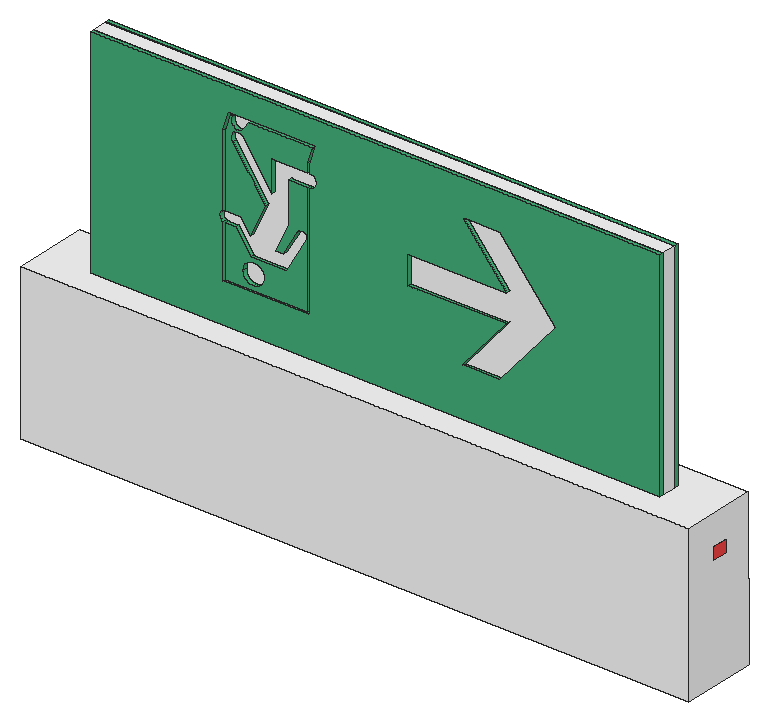
Revit family "BFX-DIR-DSD-ME-Ceiling", category Lighting Fixtures, host Face, Revit 2018 (continued)
Definition of nested family "294 EXIT SIGN DIRECTION_2"
  Automatic sketch dimensions
    Extrusion 9 sketch curve to Extrusion 9 sketch curve = 1.332 mm
    Extrusion 9 sketch curve to Extrusion 9 sketch curve = 2.081 mm
    Extrusion 9 sketch curve to plane 14 = 7.777 mm
    Extrusion 9 sketch curve to Extrusion 9 sketch curve = 0.058 mm
    Extrusion 9 sketch curve to Extrusion 9 sketch curve = 7.93 mm
    plane 19 to Extrusion 9 sketch curve = 2.881 mm
    Extrusion 9 sketch curve to Extrusion 9 sketch curve = 4.423 mm  (x4)
    Extrusion 9 sketch curve to Extrusion 9 sketch curve = 4.759 mm
    Extrusion 9 sketch curve to plane 20 = 6.081 mm
    Extrusion 9 sketch curve to plane 20 = 0.048 mm
    plane 19 to Extrusion 9 sketch curve = 5.978 mm
    Extrusion 9 sketch curve to Extrusion 9 sketch curve = 4.338 mm
    Extrusion 9 sketch curve to Extrusion 9 sketch curve = 12.359 mm
    Extrusion 9 sketch curve to Extrusion 9 sketch curve = 0.03 mm
    Extrusion 9 sketch curve to Extrusion 9 sketch curve = 2.669 mm
    Extrusion 9 sketch curve to Extrusion 9 sketch curve = 19.472 mm
    Extrusion 9 sketch curve to Extrusion 9 sketch curve = 5.376 mm
    Extrusion 9 sketch curve to Extrusion 9 sketch curve = 20.433 mm
    Extrusion 9 sketch curve to Extrusion 9 sketch curve = 6.418 mm
    Extrusion 9 sketch curve to Extrusion 9 sketch curve = 2.02 mm
    plane 15 to Extrusion 9 sketch curve = 17.14 mm
    Extrusion 9 sketch curve to Extrusion 9 sketch curve = 7.769 mm
    Extrusion 9 sketch curve to Extrusion 9 sketch curve = 3.277 mm
    plane 15 to Extrusion 9 sketch curve = 2.818 mm
    plane 15 to Extrusion 9 sketch curve = 1.8 mm
    Extrusion 9 sketch curve to plane 15 = 2.096 mm
    Extrusion 9 sketch curve to Extrusion 9 sketch curve = 2.433 mm
    Extrusion 9 sketch curve to plane 17 = 6.198 mm
    plane 8 to Extrusion 9 sketch curve = 16.508 mm
    Extrusion 9 sketch curve to plane 17 = 48.33 mm
    plane 19 to Extrusion 9 sketch curve = 4.457 mm
    Extrusion 9 sketch curve to Extrusion 9 sketch curve = 11.491 mm
    Extrusion 9 sketch curve to Extrusion 9 sketch curve = 22.981 mm
    plane 16 to Extrusion 9 sketch curve = 6.198 mm
    Extrusion 9 sketch curve to Extrusion 9 sketch curve = 1.8 mm  (x2)
    Extrusion 9 sketch curve to plane 20 = 6.329 mm
    Extrusion 9 sketch curve to plane 20 = 6.598 mm
    Extrusion 9 sketch curve to Extrusion 9 sketch curve = 0.269 mm  (x2)
    Extrusion 9 sketch curve to Extrusion 9 sketch curve = 3.097 mm
    Extrusion 9 sketch curve to Extrusion 9 sketch curve = 3.402 mm
    Extrusion 9 sketch curve to Extrusion 9 sketch curve = 1.61 mm
    Extrusion 9 sketch curve to Extrusion 9 sketch curve = 1.44 mm
    Extrusion 9 sketch curve to Extrusion 9 sketch curve = 5.4 mm
    Extrusion 9 sketch curve to plane 20 = 35.017 mm
    Extrusion 9 sketch curve to Extrusion 9 sketch curve = 14.4 mm
    Extrusion 9 sketch curve to plane 20 = 40.371 mm  (x2)
    Extrusion 9 sketch curve to Extrusion 9 sketch curve = 11.151 mm
    Extrusion 9 sketch curve to Extrusion 9 sketch curve = 7.228 mm
    Extrusion 9 sketch curve to Extrusion 9 sketch curve = 1.915 mm
    Extrusion 9 sketch curve to Extrusion 9 sketch curve = 1.892 mm
    Extrusion 9 sketch curve to Extrusion 9 sketch curve = 14.606 mm
    Extrusion 9 sketch curve to Extrusion 9 sketch curve = 0.391 mm  (x2)
    Extrusion 9 sketch curve to Extrusion 9 sketch curve = 3.953 mm
    Extrusion 9 sketch curve to Extrusion 9 sketch curve = 30 mm  (x2)
    Extrusion 9 sketch curve to Extrusion 9 sketch curve = 2.168 mm
    Extrusion 9 sketch curve to Extrusion 9 sketch curve = 3.891 mm
    Extrusion 9 sketch curve to Extrusion 9 sketch curve = 11.635 mm
    Extrusion 9 sketch curve to Extrusion 9 sketch curve = 11.516 mm
    plane 8 to Extrusion 9 sketch curve = 17.469 mm
    radius of Extrusion 2 sketch curve = 8.64 mm
    radius of Extrusion 3 sketch curve = 8.64 mm
    radius of Extrusion 4 sketch curve = 8.64 mm
    radius of Extrusion 5 sketch curve = 8.64 mm
    radius of Extrusion 6 sketch curve = 8.64 mm
    radius of Extrusion 7 sketch curve = 8.64 mm
    radius of Extrusion 8 sketch curve = 8.64 mm
    radius of Extrusion 9 sketch curve = 8.64 mm
  Nested families
    nested 1: "294 Exit_Panel Voild_560mm" at (0, 0, 0) x (1, 0, 0) z (0, -1, 0), visible <- "Exit _560mm", type "294 Exit_Panel Voild_560mm"
    nested 2: "294 Exit_Panel Voild_460mm" at (50, 0, 0) x (1, 0, 0) z (0, -1, 0), visible <- "Exit_460mm", type "294 Exit_Panel Voild_460mm"
    nested 3: "294 Exit_Panel Voild_560mm" at (0, 12, 0) x (1, 0, 0) z (0, 1, 0), visible <- "Exit _560mm", type "294 Exit_Panel Voild_560mm"
    nested 4: "294 Exit_Panel Voild_460mm" at (50, 12, 0) x (1, 0, 0) z (0, 1, 0), visible <- "Exit_460mm", type "294 Exit_Panel Voild_460mm"
  Definition of nested family "294 Exit_Panel Voild_560mm"
    Parameters (values of type "294 Exit_Panel Voild_560mm")
      Material = none
      Length = 560 mm
      Height = 180 mm
      Default Elevation = 1219.2 mm
    Reference planes
      plane 1 "Center (Front/Back)": y = 0
      plane 2: z = 0
      plane 3 "Center (Left/Right)": x = 0
      plane 4: y = 180
      plane 5: x = -280
      plane 6: x = 280
      plane 7: z = 3.2
    Forms (mm)
      Extrusion 1, solid
        sketch origin (0, 0, 0) x (1, 0, 0) y (0, 1, 0)
          loop
            line (-1219.2, 1219.2) -> (-1219.2, -1219.2) -> (1219.2, -1219.2) -> (1219.2, 1219.2) -> (-1219.2, 1219.2)
        from 0 to -304.8
      Extrusion 2, solid, material <- "Material"
        sketch origin (0, 0, 0) x (1, 0, 0) y (0, 1, 0)
          loop
            line (-280, 180) -> (-280, 0) -> (280, 0) -> (280, 180) -> (-280, 180)
        from 0 to 3.2
      Extrusion 3, void
        sketch origin (-593.557, 283.038, 0) x (0, -1, 0) y (-1, 0, 0)
          loop
            line (234.659, -624.17) -> (200.825, -624.17) -> (198.066, -626.929) -> (198.53, -628.661) -> (198.53, -660.268) -> (154.324, -660.268) -> (154.324, -624.738) -> (181.28, -624.738) -> (182.602, -628.009) -> (183.986, -628.809) -> (185.596, -627.681) -> (187.915, -619.028) -> (179.506, -619.469) -> (152.594, -619.469) -> (150.401, -621.661) -> (150.865, -623.39) -> (150.865, -700.589) -> (147.601, -700.589) -> (145.407, -703.502) -> (148.229, -706.529) -> (180.862, -706.529) -> (181.998, -709.826) -> (183.517, -710.89) -> (185.065, -709.591) -> (187.54, -700.959) -> (154.324, -700.959) -> (154.324, -665.959) -> (198.53, -665.959) -> (198.53, -694.953) -> (196.132, -694.953) -> (193.508, -697.577) -> (195.247, -700.589) -> (227.209, -700.589) -> (228.386, -703.824) -> (229.855, -704.853) -> (231.445, -703.739) -> (233.934, -695.062) -> (202.434, -695.062) -> (202.434, -665.062) -> (237.434, -665.062) -> (239.061, -670.068) -> (240.442, -671.449) -> (242.166, -670.003) -> (244.524, -659.787) -> (202.434, -659.787) -> (202.434, -629.787) -> (228.212, -629.787) -> (229.347, -633.083) -> (230.669, -634.192) -> (232.234, -632.627) -> (234.659, -624.17)
          loop
            line (234.79, -719.758) -> (226.85, -720.733) -> (174.192, -720.733) -> (160, -719.741) -> (157.506, -720.851) -> (156.888, -723.333) -> (158.1, -725.433) -> (161.601, -725.433) -> (161.601, -815.816) -> (164.203, -815.816) -> (167.071, -811.72) -> (225.571, -811.72) -> (228.563, -816.156) -> (230.05, -815.153) -> (234.738, -809.76) -> (229.952, -806.153) -> (229.952, -726.178) -> (234.79, -719.758)
          loop
            line (226.483, -725.433) -> (164.574, -725.433) -> (164.574, -806.828) -> (226.483, -806.828) -> (226.483, -725.433)
          loop
            line (233.22, -537.116) -> (222.57, -537.116) -> (222.57, -568.938) -> (148.845, -568.938) -> (148.845, -579.698) -> (222.57, -579.698) -> (222.57, -611.205) -> (233.22, -611.205) -> (233.22, -537.116)
          loop
            line (148.845, -365.378) -> (148.845, -416.428) -> (159.403, -416.428) -> (159.403, -377.456) -> (187.32, -377.456) -> (187.32, -413.456) -> (198.57, -413.456) -> (198.57, -377.456) -> (222.57, -377.456) -> (222.57, -416.428) -> (233.82, -416.428) -> (233.82, -365.378) -> (148.845, -365.378)
          loop
            line (232.845, -428.428) -> (194.426, -454.836) -> (148.845, -423.587) -> (148.845, -435.587) -> (184.882, -461.77) -> (148.845, -487.953) -> (148.845, -501.457) -> (194.176, -468.522) -> (232.845, -496.617) -> (232.845, -482.748) -> (203.72, -461.588) -> (232.845, -440.428) -> (232.845, -428.428)
          loop
            line (232.845, -511) -> (148.845, -511) -> (148.845, -521.349) -> (232.845, -521.349) -> (232.845, -511)
        from 0 to -17.009
    Cuts and joins
      Extrusion 3 cuts Extrusion 2
    Dimensions and locks
      "Length": plane 5 to plane 6
      equal spacing: plane 5, plane 3 "Center (Left/Right)", plane 6
      "Height": plane 4 to plane 1 "Center (Front/Back)"
      aligned and locked: plane 2 to Extrusion 1
      aligned and locked: level to Extrusion 1
      aligned and locked: plane 7 to Extrusion 2
      aligned and locked: Extrusion 2 to level
      aligned and locked: Extrusion 2 sketch curve to plane 4
      aligned and locked: Extrusion 2 sketch curve to plane 5
      aligned and locked: Extrusion 2 sketch curve to plane 1 "Center (Front/Back)"
      aligned and locked: plane 6 to Extrusion 2 sketch curve
    Automatic sketch dimensions
      Extrusion 1 sketch curve to Extrusion 1 sketch curve = 2438.4 mm  (x2)
      Extrusion 3 sketch curve to plane 4 = 42.369 mm
      Extrusion 3 sketch curve to Extrusion 3 sketch curve = 2.195 mm
      Extrusion 3 sketch curve to Extrusion 3 sketch curve = 2.823 mm
      Extrusion 3 sketch curve to plane 4 = 45.807 mm  (x3)
      Extrusion 3 sketch curve to Extrusion 3 sketch curve = 0 mm  (x6)
      Extrusion 3 sketch curve to Extrusion 3 sketch curve = 1.557 mm
      Extrusion 3 sketch curve to Extrusion 3 sketch curve = 0.463 mm
      Extrusion 3 sketch curve to Extrusion 3 sketch curve = 2.193 mm  (x2)
      Extrusion 3 sketch curve to Extrusion 3 sketch curve = 3.459 mm  (x2)
      Extrusion 3 sketch curve to Extrusion 3 sketch curve = 8.659 mm
      Extrusion 3 sketch curve to Extrusion 3 sketch curve = 0.619 mm
      Extrusion 3 sketch curve to Extrusion 3 sketch curve = 1.213 mm
      Extrusion 3 sketch curve to Extrusion 3 sketch curve = 10.558 mm
      Extrusion 3 sketch curve to Extrusion 3 sketch curve = 2.494 mm
      Extrusion 3 sketch curve to plane 4 = 58.563 mm
      Extrusion 3 sketch curve to Extrusion 3 sketch curve = 2.601 mm
      Extrusion 3 sketch curve to Extrusion 3 sketch curve = 0.371 mm
      Extrusion 3 sketch curve to Extrusion 3 sketch curve = 2.868 mm
      Extrusion 3 sketch curve to Extrusion 3 sketch curve = 9.619 mm
      plane 3 "Center (Left/Right)" to Extrusion 3 sketch curve = 25.911 mm
      Extrusion 3 sketch curve to Extrusion 3 sketch curve = 25.182 mm
      Extrusion 3 sketch curve to Extrusion 3 sketch curve = 6.67 mm
      Extrusion 3 sketch curve to Extrusion 3 sketch curve = 1.774 mm
      Extrusion 3 sketch curve to Extrusion 3 sketch curve = 1.135 mm  (x2)
      plane 3 "Center (Left/Right)" to Extrusion 3 sketch curve = 34.452 mm
      Extrusion 3 sketch curve to Extrusion 3 sketch curve = 1.322 mm  (x2)
      Extrusion 3 sketch curve to Extrusion 3 sketch curve = 1.519 mm
      plane 3 "Center (Left/Right)" to Extrusion 3 sketch curve = 35.251 mm
      Extrusion 3 sketch curve to Extrusion 3 sketch curve = 1.384 mm
      Extrusion 3 sketch curve to Extrusion 3 sketch curve = 36.038 mm
      Extrusion 3 sketch curve to Extrusion 3 sketch curve = 1.548 mm
      plane 3 "Center (Left/Right)" to Extrusion 3 sketch curve = 34.124 mm
      Extrusion 3 sketch curve to Extrusion 3 sketch curve = 1.61 mm
      Extrusion 3 sketch curve to Extrusion 3 sketch curve = 27.917 mm
      Extrusion 3 sketch curve to Extrusion 3 sketch curve = 6.678 mm
      plane 3 "Center (Left/Right)" to Extrusion 3 sketch curve = 25.471 mm
      Extrusion 3 sketch curve to Extrusion 3 sketch curve = 8.409 mm
      Extrusion 3 sketch curve to Extrusion 3 sketch curve = 5.968 mm
      Extrusion 3 sketch curve to Extrusion 3 sketch curve = 9.294 mm  (x2)
      Extrusion 3 sketch curve to Extrusion 3 sketch curve = 9.544 mm
      Extrusion 3 sketch curve to Extrusion 3 sketch curve = 1.739 mm
      Extrusion 3 sketch curve to Extrusion 3 sketch curve = 2.624 mm  (x2)
      plane 3 "Center (Left/Right)" to Extrusion 3 sketch curve = 33.372 mm
      Extrusion 3 sketch curve to Extrusion 3 sketch curve = 12.47 mm
      Extrusion 3 sketch curve to Extrusion 3 sketch curve = 2.398 mm
      Extrusion 3 sketch curve to Extrusion 3 sketch curve = 11.25 mm  (x2)
      plane 3 "Center (Left/Right)" to Extrusion 3 sketch curve = 30.613 mm
      Extrusion 3 sketch curve to Extrusion 3 sketch curve = 2.76 mm
      Extrusion 3 sketch curve to Extrusion 3 sketch curve = 3.905 mm  (x2)
      Extrusion 3 sketch curve to plane 3 "Center (Left/Right)" = 13.859 mm
      Extrusion 3 sketch curve to Extrusion 3 sketch curve = 21.744 mm
      Extrusion 3 sketch curve to Extrusion 3 sketch curve = 24 mm
      Extrusion 3 sketch curve to plane 1 "Center (Front/Back)" = 57.467 mm
      Extrusion 3 sketch curve to Extrusion 3 sketch curve = 0.912 mm
      Extrusion 3 sketch curve to Extrusion 3 sketch curve = 0.367 mm
      Extrusion 3 sketch curve to Extrusion 3 sketch curve = 0.359 mm
      Extrusion 3 sketch curve to Extrusion 3 sketch curve = 5.643 mm
      Extrusion 3 sketch curve to Extrusion 3 sketch curve = 1.177 mm
      Extrusion 3 sketch curve to Extrusion 3 sketch curve = 2.992 mm
      Extrusion 3 sketch curve to Extrusion 3 sketch curve = 1.469 mm
      Extrusion 3 sketch curve to Extrusion 3 sketch curve = 3.469 mm
      Extrusion 3 sketch curve to Extrusion 3 sketch curve = 1.487 mm
      Extrusion 3 sketch curve to Extrusion 3 sketch curve = 1.59 mm
      Extrusion 3 sketch curve to Extrusion 3 sketch curve = 1.565 mm
      Extrusion 3 sketch curve to Extrusion 3 sketch curve = 10.275 mm  (x2)
      Extrusion 3 sketch curve to Extrusion 3 sketch curve = 10.65 mm
      Extrusion 3 sketch curve to Extrusion 3 sketch curve = 6.725 mm
      Extrusion 3 sketch curve to Extrusion 3 sketch curve = 6.447 mm
      Extrusion 3 sketch curve to Extrusion 3 sketch curve = 4.787 mm
      Extrusion 3 sketch curve to Extrusion 3 sketch curve = 7.94 mm
      Extrusion 3 sketch curve to Extrusion 3 sketch curve = 3.501 mm
      Extrusion 3 sketch curve to Extrusion 3 sketch curve = 1.626 mm
      Extrusion 3 sketch curve to Extrusion 3 sketch curve = 1.381 mm  (x2)
      Extrusion 3 sketch curve to Extrusion 3 sketch curve = 1.724 mm
      Extrusion 3 sketch curve to Extrusion 3 sketch curve = 7.09 mm
      Extrusion 3 sketch curve to Extrusion 3 sketch curve = 10.76 mm
      Extrusion 3 sketch curve to Extrusion 3 sketch curve = 31.822 mm
      Extrusion 3 sketch curve to Extrusion 3 sketch curve = 15.767 mm
      Extrusion 3 sketch curve to Extrusion 3 sketch curve = 10.348 mm
      Extrusion 3 sketch curve to Extrusion 3 sketch curve = 9.543 mm
      Extrusion 3 sketch curve to Extrusion 3 sketch curve = 14.384 mm
      Extrusion 3 sketch curve to Extrusion 3 sketch curve = 13.505 mm
      Extrusion 3 sketch curve to Extrusion 3 sketch curve = 13.868 mm
      Extrusion 3 sketch curve to Extrusion 3 sketch curve = 14.226 mm
      Extrusion 3 sketch curve to Extrusion 3 sketch curve = 6.752 mm  (x2)
      Extrusion 3 sketch curve to Extrusion 3 sketch curve = 6.934 mm
      Extrusion 3 sketch curve to Extrusion 3 sketch curve = 21.16 mm
      Extrusion 3 sketch curve to Extrusion 3 sketch curve = 26.183 mm
      Extrusion 3 sketch curve to Extrusion 3 sketch curve = 12 mm  (x3)
      Extrusion 3 sketch curve to Extrusion 3 sketch curve = 7.159 mm
      Extrusion 3 sketch curve to Extrusion 3 sketch curve = 2.972 mm
      Extrusion 3 sketch curve to Extrusion 3 sketch curve = 38.972 mm  (x2)
      Extrusion 3 sketch curve to Extrusion 3 sketch curve = 12.078 mm
      plane 3 "Center (Left/Right)" to Extrusion 3 sketch curve = 17.648 mm
      Extrusion 3 sketch curve to Extrusion 3 sketch curve = 1.729 mm
      Extrusion 3 sketch curve to Extrusion 3 sketch curve = 3.271 mm
      Extrusion 3 sketch curve to Extrusion 3 sketch curve = 1.731 mm
      Extrusion 3 sketch curve to Extrusion 3 sketch curve = 5.617 mm
      Extrusion 3 sketch curve to Extrusion 3 sketch curve = 2.84 mm
      Extrusion 3 sketch curve to Extrusion 3 sketch curve = 0.456 mm
      Extrusion 3 sketch curve to Extrusion 3 sketch curve = 1.109 mm
      Extrusion 3 sketch curve to Extrusion 3 sketch curve = 25.595 mm
      Extrusion 3 sketch curve to Extrusion 3 sketch curve = 0.481 mm
      Extrusion 3 sketch curve to Extrusion 3 sketch curve = 5.276 mm
      Extrusion 3 sketch curve to Extrusion 3 sketch curve = 5.691 mm
      Extrusion 3 sketch curve to Extrusion 3 sketch curve = 4.941 mm
      Extrusion 3 sketch curve to Extrusion 3 sketch curve = 0.065 mm
      Extrusion 3 sketch curve to Extrusion 3 sketch curve = 28.994 mm
      Extrusion 3 sketch curve to Extrusion 3 sketch curve = 23.613 mm
      Extrusion 3 sketch curve to Extrusion 3 sketch curve = 3.012 mm
      Extrusion 3 sketch curve to Extrusion 3 sketch curve = 34.63 mm
      Extrusion 3 sketch curve to Extrusion 3 sketch curve = 3.382 mm
      Extrusion 3 sketch curve to Extrusion 3 sketch curve = 2.912 mm
      Extrusion 3 sketch curve to Extrusion 3 sketch curve = 3.15 mm
      Extrusion 3 sketch curve to Extrusion 3 sketch curve = 0.085 mm
      Extrusion 3 sketch curve to Extrusion 3 sketch curve = 1.029 mm
      Extrusion 3 sketch curve to Extrusion 3 sketch curve = 3.027 mm
      Extrusion 3 sketch curve to Extrusion 3 sketch curve = 3.062 mm
      Extrusion 3 sketch curve to Extrusion 3 sketch curve = 0.235 mm
      Extrusion 3 sketch curve to Extrusion 3 sketch curve = 1.064 mm
      Extrusion 3 sketch curve to Extrusion 3 sketch curve = 13.212 mm
      Extrusion 3 sketch curve to Extrusion 3 sketch curve = 14.905 mm
      Extrusion 3 sketch curve to Extrusion 3 sketch curve = 10.907 mm
      Extrusion 3 sketch curve to Extrusion 3 sketch curve = 1.11 mm
      Extrusion 3 sketch curve to Extrusion 3 sketch curve = 2.481 mm
      Extrusion 3 sketch curve to Extrusion 3 sketch curve = 2.101 mm
      Extrusion 3 sketch curve to Extrusion 3 sketch curve = 0.745 mm
      plane 6 to Extrusion 3 sketch curve = 67.405 mm
      Extrusion 3 sketch curve to Extrusion 3 sketch curve = 0.675 mm
      Extrusion 3 sketch curve to Extrusion 3 sketch curve = 3.607 mm
      Extrusion 3 sketch curve to Extrusion 3 sketch curve = 4.892 mm
      Extrusion 3 sketch curve to Extrusion 3 sketch curve = 3.433 mm
      Extrusion 3 sketch curve to Extrusion 3 sketch curve = 4.096 mm
  Definition of nested family "294 Exit_Panel Voild_460mm"
    Parameters (values of type "294 Exit_Panel Voild_460mm")
      Material = none
      Length = 460 mm
      Height = 175 mm
      Default Elevation = 1219.2 mm
    Reference planes
      plane 1 "Center (Front/Back)": y = 0
      plane 2: z = 0
      plane 3 "Center (Left/Right)": x = 0
      plane 4: y = 175
      plane 5: x = -230
      plane 6: x = 230
      plane 7: z = 3.2
    Forms (mm)
      Extrusion 1, solid
        sketch origin (0, 0, 0) x (1, 0, 0) y (0, 1, 0)
          loop
            line (-1219.2, 1219.2) -> (-1219.2, -1219.2) -> (1219.2, -1219.2) -> (1219.2, 1219.2) -> (-1219.2, 1219.2)
        from 0 to -304.8
      Extrusion 2, solid, material <- "Material"
        sketch origin (0, 0, 0) x (1, 0, 0) y (0, 1, 0)
          loop
            line (-230, 175) -> (-230, 0) -> (230, 0) -> (230, 175) -> (-230, 175)
        from 0 to 3.2
      Extrusion 3, void
        sketch origin (-571.621, 99.38, 0) x (0, -1, 0) y (-1, 0, 0)
          loop
            line (44.935, -513.239) -> (36.06, -513.239) -> (36.06, -539.758) -> (-25.377, -539.758) -> (-25.377, -548.725) -> (36.06, -548.725) -> (36.06, -574.98) -> (44.935, -574.98) -> (44.935, -513.239)
          loop
            line (48.15, -587.916) -> (14.316, -587.916) -> (11.557, -590.676) -> (12.021, -592.407) -> (12.021, -624.014) -> (-32.186, -624.014) -> (-32.186, -588.484) -> (-5.229, -588.484) -> (-3.907, -591.756) -> (-2.523, -592.555) -> (-0.913, -591.428) -> (1.406, -582.774) -> (-7.004, -583.215) -> (-33.915, -583.215) -> (-36.108, -585.407) -> (-35.644, -587.137) -> (-35.644, -664.336) -> (-38.908, -664.336) -> (-41.103, -667.248) -> (-38.28, -670.275) -> (-5.647, -670.275) -> (-4.511, -673.572) -> (-2.992, -674.636) -> (-1.444, -673.337) -> (1.031, -664.706) -> (-32.186, -664.706) -> (-32.186, -629.706) -> (12.021, -629.706) -> (12.021, -658.699) -> (9.623, -658.699) -> (6.999, -661.324) -> (8.738, -664.336) -> (40.7, -664.336) -> (41.877, -667.571) -> (43.346, -668.599) -> (44.936, -667.486) -> (47.424, -658.809) -> (15.925, -658.809) -> (15.925, -628.809) -> (50.925, -628.809) -> (52.552, -633.814) -> (53.933, -635.196) -> (55.657, -633.749) -> (58.015, -623.533) -> (15.925, -623.533) -> (15.925, -593.533) -> (41.703, -593.533) -> (42.838, -596.829) -> (44.16, -597.938) -> (45.725, -596.373) -> (48.15, -587.916)
          loop
            line (48.28, -683.504) -> (40.341, -684.479) -> (-12.317, -684.479) -> (-26.509, -683.487) -> (-29.003, -684.597) -> (-29.622, -687.079) -> (-28.409, -689.179) -> (-24.908, -689.179) -> (-24.908, -765.312) -> (-22.307, -765.312) -> (-19.439, -761.216) -> (39.061, -761.216) -> (42.054, -765.652) -> (43.541, -764.649) -> (48.229, -759.256) -> (43.443, -755.649) -> (43.443, -689.925) -> (48.28, -683.504)
          loop
            line (39.974, -689.179) -> (-21.935, -689.179) -> (-21.935, -756.324) -> (39.974, -756.324) -> (39.974, -689.179)
          loop
            line (-25.377, -370.125) -> (-25.377, -412.666) -> (-16.578, -412.666) -> (-16.578, -380.189) -> (6.685, -380.189) -> (6.685, -410.189) -> (16.06, -410.189) -> (16.06, -380.189) -> (36.06, -380.189) -> (36.06, -412.666) -> (45.435, -412.666) -> (45.435, -370.125) -> (-25.377, -370.125)
          loop
            line (44.623, -422.666) -> (12.608, -444.672) -> (-25.377, -418.632) -> (-25.377, -428.632) -> (4.654, -450.451) -> (-25.377, -472.27) -> (-25.377, -483.524) -> (12.399, -456.078) -> (44.623, -479.49) -> (44.623, -467.933) -> (20.352, -450.299) -> (44.623, -432.666) -> (44.623, -422.666)
          loop
            line (44.623, -491.476) -> (-25.377, -491.476) -> (-25.377, -500.1) -> (44.623, -500.1) -> (44.623, -491.476)
        from 0 to -17.009
    Cuts and joins
      Extrusion 3 cuts Extrusion 2
    Dimensions and locks
      "Length": plane 5 to plane 6
      equal spacing: plane 5, plane 3 "Center (Left/Right)", plane 6
      "Height": plane 4 to plane 1 "Center (Front/Back)"
      aligned and locked: plane 2 to Extrusion 1
      aligned and locked: level to Extrusion 1
      aligned and locked: plane 7 to Extrusion 2
      aligned and locked: Extrusion 2 to level
      aligned and locked: Extrusion 2 sketch curve to plane 4
      aligned and locked: Extrusion 2 sketch curve to plane 5
      aligned and locked: Extrusion 2 sketch curve to plane 1 "Center (Front/Back)"
      aligned and locked: plane 6 to Extrusion 2 sketch curve
    Automatic sketch dimensions
      Extrusion 1 sketch curve to Extrusion 1 sketch curve = 2438.4 mm  (x2)
      Extrusion 3 sketch curve to plane 4 = 34.518 mm
      Extrusion 3 sketch curve to Extrusion 3 sketch curve = 2.195 mm
      Extrusion 3 sketch curve to Extrusion 3 sketch curve = 2.823 mm
      plane 3 "Center (Left/Right)" to Extrusion 3 sketch curve = 13.787 mm
      Extrusion 3 sketch curve to plane 4 = 39.513 mm
      Extrusion 3 sketch curve to Extrusion 3 sketch curve = 3.264 mm
      plane 3 "Center (Left/Right)" to Extrusion 3 sketch curve = 11.594 mm
      Extrusion 3 sketch curve to Extrusion 3 sketch curve = 2.193 mm
      Extrusion 3 sketch curve to Extrusion 3 sketch curve = 3.459 mm
      Extrusion 3 sketch curve to Extrusion 3 sketch curve = 0 mm  (x7)
      Extrusion 3 sketch curve to Extrusion 3 sketch curve = 8.659 mm
      Extrusion 3 sketch curve to Extrusion 3 sketch curve = 0.619 mm
      Extrusion 3 sketch curve to Extrusion 3 sketch curve = 1.213 mm
      Extrusion 3 sketch curve to Extrusion 3 sketch curve = 2.494 mm
      Extrusion 3 sketch curve to Extrusion 3 sketch curve = 8.538 mm
      Extrusion 3 sketch curve to plane 4 = 50.243 mm
      Extrusion 3 sketch curve to plane 4 = 50.713 mm
      Extrusion 3 sketch curve to Extrusion 3 sketch curve = 2.601 mm
      Extrusion 3 sketch curve to Extrusion 3 sketch curve = 0.371 mm
      Extrusion 3 sketch curve to Extrusion 3 sketch curve = 2.868 mm
      Extrusion 3 sketch curve to Extrusion 3 sketch curve = 8.799 mm
      Extrusion 3 sketch curve to Extrusion 3 sketch curve = 9.619 mm
      Extrusion 3 sketch curve to Extrusion 3 sketch curve = 25.182 mm
      Extrusion 3 sketch curve to Extrusion 3 sketch curve = 6.67 mm
      Extrusion 3 sketch curve to Extrusion 3 sketch curve = 1.774 mm
      Extrusion 3 sketch curve to Extrusion 3 sketch curve = 1.135 mm  (x2)
      plane 3 "Center (Left/Right)" to Extrusion 3 sketch curve = 20.135 mm
      Extrusion 3 sketch curve to Extrusion 3 sketch curve = 1.322 mm  (x2)
      Extrusion 3 sketch curve to Extrusion 3 sketch curve = 1.519 mm
      plane 3 "Center (Left/Right)" to Extrusion 3 sketch curve = 20.934 mm
      Extrusion 3 sketch curve to Extrusion 3 sketch curve = 1.384 mm
      Extrusion 3 sketch curve to Extrusion 3 sketch curve = 1.548 mm
      plane 3 "Center (Left/Right)" to Extrusion 3 sketch curve = 19.807 mm
      Extrusion 3 sketch curve to Extrusion 3 sketch curve = 1.61 mm
      Extrusion 3 sketch curve to Extrusion 3 sketch curve = 6.678 mm
      plane 3 "Center (Left/Right)" to Extrusion 3 sketch curve = 11.153 mm
      Extrusion 3 sketch curve to Extrusion 3 sketch curve = 8.409 mm
      Extrusion 3 sketch curve to Extrusion 3 sketch curve = 30.031 mm
      Extrusion 3 sketch curve to Extrusion 3 sketch curve = 23.264 mm
      Extrusion 3 sketch curve to Extrusion 3 sketch curve = 5.968 mm
      Extrusion 3 sketch curve to Extrusion 3 sketch curve = 1.739 mm
      Extrusion 3 sketch curve to Extrusion 3 sketch curve = 2.624 mm  (x2)
      plane 3 "Center (Left/Right)" to Extrusion 3 sketch curve = 19.055 mm
      Extrusion 3 sketch curve to Extrusion 3 sketch curve = 12.47 mm
      Extrusion 3 sketch curve to Extrusion 3 sketch curve = 0.464 mm
      Extrusion 3 sketch curve to Extrusion 3 sketch curve = 2.398 mm
      Extrusion 3 sketch curve to Extrusion 3 sketch curve = 7.745 mm  (x2)
      Extrusion 3 sketch curve to Extrusion 3 sketch curve = 7.953 mm
      plane 3 "Center (Left/Right)" to Extrusion 3 sketch curve = 16.295 mm
      Extrusion 3 sketch curve to Extrusion 3 sketch curve = 2.76 mm
      Extrusion 3 sketch curve to Extrusion 3 sketch curve = 3.905 mm  (x2)
      Extrusion 3 sketch curve to Extrusion 3 sketch curve = 9.375 mm  (x2)
      plane 3 "Center (Left/Right)" to Extrusion 3 sketch curve = 3.359 mm
      Extrusion 3 sketch curve to Extrusion 3 sketch curve = 21.744 mm
      Extrusion 3 sketch curve to Extrusion 3 sketch curve = 20 mm
      Extrusion 3 sketch curve to Extrusion 3 sketch curve = 58.5 mm
      Extrusion 3 sketch curve to Extrusion 3 sketch curve = 24.049 mm
      Extrusion 3 sketch curve to Extrusion 3 sketch curve = 0.367 mm
      Extrusion 3 sketch curve to Extrusion 3 sketch curve = 0.359 mm
      plane 3 "Center (Left/Right)" to Extrusion 3 sketch curve = 21.912 mm
      Extrusion 3 sketch curve to Extrusion 3 sketch curve = 5.643 mm
      Extrusion 3 sketch curve to Extrusion 3 sketch curve = 1.177 mm
      Extrusion 3 sketch curve to Extrusion 3 sketch curve = 2.992 mm
      plane 3 "Center (Left/Right)" to Extrusion 3 sketch curve = 25.208 mm
      Extrusion 3 sketch curve to Extrusion 3 sketch curve = 1.469 mm
      Extrusion 3 sketch curve to Extrusion 3 sketch curve = 3.469 mm
      Extrusion 3 sketch curve to Extrusion 3 sketch curve = 1.487 mm
      plane 3 "Center (Left/Right)" to Extrusion 3 sketch curve = 26.317 mm
      Extrusion 3 sketch curve to Extrusion 3 sketch curve = 8.562 mm  (x2)
      Extrusion 3 sketch curve to Extrusion 3 sketch curve = 8.875 mm
      Extrusion 3 sketch curve to Extrusion 3 sketch curve = 1.59 mm
      plane 3 "Center (Left/Right)" to Extrusion 3 sketch curve = 24.752 mm
      Extrusion 3 sketch curve to Extrusion 3 sketch curve = 1.565 mm
      Extrusion 3 sketch curve to Extrusion 3 sketch curve = 6.725 mm
      Extrusion 3 sketch curve to Extrusion 3 sketch curve = 6.447 mm
      Extrusion 3 sketch curve to Extrusion 3 sketch curve = 4.787 mm
      Extrusion 3 sketch curve to Extrusion 3 sketch curve = 7.94 mm
      Extrusion 3 sketch curve to Extrusion 3 sketch curve = 3.501 mm
      Extrusion 3 sketch curve to Extrusion 3 sketch curve = 1.626 mm
      Extrusion 3 sketch curve to Extrusion 3 sketch curve = 1.381 mm  (x2)
      Extrusion 3 sketch curve to Extrusion 3 sketch curve = 1.724 mm
      Extrusion 3 sketch curve to Extrusion 3 sketch curve = 7.09 mm
      Extrusion 3 sketch curve to plane 3 "Center (Left/Right)" = 22.896 mm
      Extrusion 3 sketch curve to Extrusion 3 sketch curve = 8.967 mm
      Extrusion 3 sketch curve to Extrusion 3 sketch curve = 26.519 mm
      Extrusion 3 sketch curve to Extrusion 3 sketch curve = 39.658 mm
      Extrusion 3 sketch curve to Extrusion 3 sketch curve = 8.624 mm
      Extrusion 3 sketch curve to Extrusion 3 sketch curve = 7.952 mm
      Extrusion 3 sketch curve to Extrusion 3 sketch curve = 11.986 mm
      Extrusion 3 sketch curve to Extrusion 3 sketch curve = 11.254 mm
      Extrusion 3 sketch curve to Extrusion 3 sketch curve = 11.557 mm
      Extrusion 3 sketch curve to Extrusion 3 sketch curve = 11.855 mm
      Extrusion 3 sketch curve to Extrusion 3 sketch curve = 5.627 mm  (x2)
      Extrusion 3 sketch curve to Extrusion 3 sketch curve = 5.778 mm
      Extrusion 3 sketch curve to Extrusion 3 sketch curve = 17.634 mm
      Extrusion 3 sketch curve to Extrusion 3 sketch curve = 21.819 mm
      Extrusion 3 sketch curve to Extrusion 3 sketch curve = 10 mm  (x3)
      Extrusion 3 sketch curve to Extrusion 3 sketch curve = 5.966 mm
      Extrusion 3 sketch curve to Extrusion 3 sketch curve = 2.476 mm
      Extrusion 3 sketch curve to Extrusion 3 sketch curve = 30 mm  (x2)
      Extrusion 3 sketch curve to Extrusion 3 sketch curve = 10.065 mm
      Extrusion 3 sketch curve to Extrusion 3 sketch curve = 1.729 mm
      Extrusion 3 sketch curve to Extrusion 3 sketch curve = 1.348 mm
      Extrusion 3 sketch curve to Extrusion 3 sketch curve = 1.731 mm
      Extrusion 3 sketch curve to Extrusion 3 sketch curve = 35.53 mm
      Extrusion 3 sketch curve to Extrusion 3 sketch curve = 5.276 mm
      Extrusion 3 sketch curve to Extrusion 3 sketch curve = 0.897 mm
      Extrusion 3 sketch curve to Extrusion 3 sketch curve = 4.941 mm
      Extrusion 3 sketch curve to Extrusion 3 sketch curve = 0.065 mm
      Extrusion 3 sketch curve to Extrusion 3 sketch curve = 28.994 mm
      Extrusion 3 sketch curve to Extrusion 3 sketch curve = 23.613 mm
      Extrusion 3 sketch curve to Extrusion 3 sketch curve = 34.63 mm
      Extrusion 3 sketch curve to Extrusion 3 sketch curve = 3.012 mm
      Extrusion 3 sketch curve to Extrusion 3 sketch curve = 3.382 mm
      Extrusion 3 sketch curve to Extrusion 3 sketch curve = 2.912 mm
      Extrusion 3 sketch curve to Extrusion 3 sketch curve = 3.15 mm
      Extrusion 3 sketch curve to Extrusion 3 sketch curve = 0.085 mm
      Extrusion 3 sketch curve to Extrusion 3 sketch curve = 1.029 mm
      Extrusion 3 sketch curve to Extrusion 3 sketch curve = 5.569 mm
      Extrusion 3 sketch curve to Extrusion 3 sketch curve = 3.062 mm
      Extrusion 3 sketch curve to Extrusion 3 sketch curve = 0.235 mm
      Extrusion 3 sketch curve to Extrusion 3 sketch curve = 1.064 mm
      Extrusion 3 sketch curve to Extrusion 3 sketch curve = 13.212 mm
      Extrusion 3 sketch curve to Extrusion 3 sketch curve = 14.905 mm
      Extrusion 3 sketch curve to Extrusion 3 sketch curve = 0.975 mm
      Extrusion 3 sketch curve to Extrusion 3 sketch curve = 1.11 mm
      Extrusion 3 sketch curve to Extrusion 3 sketch curve = 2.481 mm
      Extrusion 3 sketch curve to Extrusion 3 sketch curve = 5.693 mm
      Extrusion 3 sketch curve to Extrusion 3 sketch curve = 2.101 mm
      Extrusion 3 sketch curve to Extrusion 3 sketch curve = 0.745 mm
      plane 6 to Extrusion 3 sketch curve = 45.972 mm
      plane 6 to Extrusion 3 sketch curve = 45.297 mm
      Extrusion 3 sketch curve to Extrusion 3 sketch curve = 3.607 mm
      Extrusion 3 sketch curve to Extrusion 3 sketch curve = 4.892 mm
      Extrusion 3 sketch curve to Extrusion 3 sketch curve = 3.433 mm
      Extrusion 3 sketch curve to Extrusion 3 sketch curve = 4.096 mm
Definition of nested family "Anno_BFX_DIR"
  Parameters (values of type "1 To 1")
    Offset Y [instance] = 0 mm
    Offset  X [instance] = 0 mm
    Annotation W [instance] = 200 mm + Offset  X  # 200 mm
    Annotation H [instance] = 200 mm + Offset Y  # 200 mm
    2D Annotation = 295_2D_Symbol_Annotation : 295_2D_Symbol_Annotation
  Reference planes
    plane 1: y = 0
    plane 2: x = 0
  Lines and regions (mm)
    reference lines
      curve 1: line (-200, -141.949, 0) -> (-200, 53.051, 0)
      curve 2: line (-184.39, -200, 0) -> (165.61, -200, 0)
  Dimensions and locks
    "Annotation W": curve 1 to nested 1
    "Annotation H": curve 2 to nested 1
  Automatic sketch dimensions
    curve 1 to plane 1 = 53.051 mm
    curve 1 to plane 2 = 200 mm
    curve 1 to curve 2 = 15.61 mm
    plane 2 to curve 2 = 165.61 mm
    plane 1 to curve 1 = 141.949 mm
    curve 2 to curve 1 = 58.051 mm
  Nested families
    nested 1: "294_2D_Symbol_Annotation" at (0, 0, 0), type "294_2D_Symbol_Annotation"
  Definition of nested family "294_2D_Symbol_Annotation"
    Reference planes
      plane 1: y = 0
      plane 2: x = 0
    Lines and regions (mm)
      detail lines
        curve 1: line (-6.14, 3.73, 0) -> (6.14, 3.73, 0)
        curve 2: line (-6.14, 0, 0) -> (-6.14, 3.73, 0)
        curve 3: line (6.14, 0, 0) -> (-6.14, 0, 0)
        curve 4: line (6.14, 3.73, 0) -> (6.14, 0, 0)
        curve 5: line (2.144, 1.886, 0) -> (4.835, 1.886, 0)
        curve 6: line (4.835, 1.886, 0) -> (4.128, 2.593, 0)
        curve 7: line (4.835, 1.886, 0) -> (4.128, 1.179, 0)
    Text (mm)
      text "EXIT" at (-5.037, 3.504, 0)
Definition of nested family "DI_BFX_DIR"
  Parameters (values of type "1 to 200")
    Offset Y [instance] = 0 mm
    Offset X [instance] = 0 mm
    Detail Item W [instance] = 10000 mm + Offset X  # 10000 mm
    Detail Item H [instance] = 10000 mm + Offset Y  # 10000 mm
    2D Detail Item = 294_2D_Symbol_Detail Item : 1 To 200
  Types (3, lengths in mm): name | 2D Detail Item
    1 to 200 | 294_2D_Symbol_Detail Item : 1 To 200
    1 to 100 | 294_2D_Symbol_Detail Item : 1 To 100
    1 to 50 | 294_2D_Symbol_Detail Item : 1 To 50
  Reference planes
    plane 1 "Center (Front/Back)": y = 0
    plane 2: z = 0
    plane 3 "Center (Left/Right)": x = 0
    plane 4: y = -10000
    plane 5: x = -10000
    plane 6: x = 10000
    plane 7: y = 10000
  Dimensions and locks
    "Detail Item W": plane 5 to nested 1
    "Detail Item H": nested 1 to plane 4
  Nested families
    nested 1: "294_2D_Symbol_Detail Item" at (0, 0, 0), type <- "2D Detail Item", type "1 To 200", in view "Ref. Level"
  Definition of nested family "294_2D_Symbol_Detail Item"
    Parameters (values of type "1 To 200")
      1 To 50 = no
      1 To 200 = yes
      1 To 100 = no
    Types (3, lengths in mm): name | 1 To 50 | 1 To 200 | 1 To 100
      1 To 50 | yes | no | no
      1 To 100 | no | no | yes
      1 To 200 | no | yes | no
    Reference planes
      plane 1 "Center (Front/Back)": y = 0
      plane 2: z = 0
      plane 3 "Center (Left/Right)": x = 0
    Lines and regions (mm)
      Filled region 1, type "Solid Fill - Black", in view "Ref. Level", visible <- "1 To 50"
        outline origin (-60, 0, 0) x (1, 0, 0) y (0, 1, 0)
          loop
            line (-154.187, 47.893) -> (-154.187, 88.536) -> (-87.659, 88.536) -> (-87.659, 102.639) -> (-154.187, 102.639) -> (-154.187, 139.242) -> (-83.425, 139.242) -> (-83.425, 153.456) -> (-171.585, 153.456) -> (-171.585, 33.106) -> (-80.28, 33.106) -> (-80.28, 47.893) -> (-154.187, 47.893)
          loop
            line (-23.85, 96.884) -> (-69.335, 33.362) -> (-51.769, 33.362) -> (-15.978, 84.087) -> (19.467, 33.466) -> (39.201, 33.466) -> (-6.21, 96.884) -> (35.899, 153.475) -> (18.577, 153.475) -> (-15.03, 108.036) -> (-46.402, 153.456) -> (-65.944, 153.456) -> (-23.85, 96.884)
          loop
            line (55.334, 33.466) -> (71.963, 33.466) -> (71.963, 153.475) -> (55.334, 153.475) -> (55.334, 33.466)
          loop
            line (130.135, 33.289) -> (146.285, 33.289) -> (146.285, 139.129) -> (186.061, 139.129) -> (186.061, 153.475) -> (90.606, 153.475) -> (90.606, 139.129) -> (130.135, 139.129) -> (130.135, 33.289)
      Filled region 2, type "Solid Fill - Black", in view "Ref. Level", visible <- "1 To 100"
        outline origin (-140, 0, 0) x (1, 0, 0) y (0, 1, 0)
          loop
            line (-340.496, 308.993) -> (-340.496, 68.293) -> (-157.887, 68.293) -> (-157.887, 97.868) -> (-305.7, 97.868) -> (-305.7, 179.153) -> (-172.644, 179.153) -> (-172.644, 207.359) -> (-305.7, 207.359) -> (-305.7, 280.566) -> (-164.176, 280.566) -> (-164.176, 308.993) -> (-340.496, 308.993)
          loop
            line (-129.215, 308.993) -> (-45.027, 195.85) -> (-135.997, 68.805) -> (-100.865, 68.805) -> (-29.283, 170.255) -> (41.608, 69.013) -> (81.075, 69.013) -> (-9.746, 195.85) -> (74.471, 309.031) -> (39.828, 309.031) -> (-27.386, 218.153) -> (-90.129, 308.993) -> (-129.215, 308.993)
          loop
            line (113.341, 69.013) -> (146.6, 69.013) -> (146.6, 309.031) -> (113.341, 309.031) -> (113.341, 69.013)
          loop
            line (262.944, 68.659) -> (295.244, 68.659) -> (295.244, 280.339) -> (374.796, 280.339) -> (374.796, 309.031) -> (183.885, 309.031) -> (183.885, 280.339) -> (262.944, 280.339) -> (262.944, 68.659)
      Filled region 3, type "Solid Fill - Black", in view "Ref. Level", visible <- "1 To 200"
        outline origin (-300, 0, 0) x (1, 0, 0) y (0, 1, 0)
          loop
            line (-294.162, 586.734) -> (-611.538, 586.734) -> (-611.538, 153.475) -> (-282.842, 153.475) -> (-282.842, 206.71) -> (-548.906, 206.71) -> (-548.906, 353.023) -> (-309.405, 353.023) -> (-309.405, 403.794) -> (-548.906, 403.794) -> (-548.906, 535.566) -> (-294.162, 535.566) -> (-294.162, 586.734)
          loop
            line (-79.695, 383.078) -> (-243.441, 154.395) -> (-180.202, 154.395) -> (-51.355, 337.007) -> (76.248, 154.771) -> (147.289, 154.771) -> (-16.188, 383.078) -> (135.402, 586.803) -> (73.044, 586.803) -> (-47.941, 423.223) -> (-160.879, 586.734) -> (-231.233, 586.734) -> (-79.695, 383.078)
          loop
            line (205.368, 154.771) -> (265.234, 154.771) -> (265.234, 586.803) -> (205.368, 586.803) -> (205.368, 154.771)
          loop
            line (474.653, 535.157) -> (474.653, 154.133) -> (532.794, 154.133) -> (532.794, 535.157) -> (675.987, 535.157) -> (675.987, 586.803) -> (332.347, 586.803) -> (332.347, 535.157) -> (474.653, 535.157)
      detail lines, in view "Ref. Level", visible <- "1 To 50"
        curve 1: line (-307.017, 186.513, 0) -> (307.017, 186.513, 0)
        curve 2: line (307.017, 0, 0) -> (-307.017, 0, 0)
        curve 11: line (307.017, 186.513, 0) -> (307.017, 0, 0)
        curve 12: line (-307.017, 0, 0) -> (-307.017, 186.513, 0)
        curve 13: line (-231.585, 153.456, 0) -> (-231.585, 33.106, 0)
        curve 14: line (-231.585, 33.106, 0) -> (-140.28, 33.106, 0)
        curve 15: line (-140.28, 33.106, 0) -> (-140.28, 47.893, 0)
        curve 16: line (-140.28, 47.893, 0) -> (-214.187, 47.893, 0)
        curve 17: line (-214.187, 47.893, 0) -> (-214.187, 88.536, 0)
        curve 18: line (-214.187, 88.536, 0) -> (-147.659, 88.536, 0)
        curve 19: line (-147.659, 88.536, 0) -> (-147.659, 102.639, 0)
        curve 20: line (-147.659, 102.639, 0) -> (-214.187, 102.639, 0)
        curve 21: line (-214.187, 102.639, 0) -> (-214.187, 139.242, 0)
        curve 22: line (-214.187, 139.242, 0) -> (-143.425, 139.242, 0)
        curve 23: line (-143.425, 139.242, 0) -> (-143.425, 153.456, 0)
        curve 24: line (-143.425, 153.456, 0) -> (-231.585, 153.456, 0)
        curve 25: line (-125.944, 153.456, 0) -> (-106.402, 153.456, 0)
        curve 26: line (-106.402, 153.456, 0) -> (-75.03, 108.036, 0)
        curve 27: line (-75.03, 108.036, 0) -> (-41.423, 153.475, 0)
        curve 28: line (-41.423, 153.475, 0) -> (-24.101, 153.475, 0)
        curve 29: line (-24.101, 153.475, 0) -> (-66.21, 96.884, 0)
        curve 30: line (-66.21, 96.884, 0) -> (-20.799, 33.466, 0)
        curve 31: line (-20.799, 33.466, 0) -> (-40.533, 33.466, 0)
        curve 32: line (-40.533, 33.466, 0) -> (-75.978, 84.087, 0)
        curve 33: line (-75.978, 84.087, 0) -> (-111.769, 33.362, 0)
        curve 34: line (-111.769, 33.362, 0) -> (-129.335, 33.362, 0)
        curve 35: line (-125.944, 153.456, 0) -> (-83.85, 96.884, 0)
        curve 36: line (-83.85, 96.884, 0) -> (-129.335, 33.362, 0)
        curve 37: line (-4.666, 153.475, 0) -> (11.963, 153.475, 0)
        curve 38: line (-4.666, 33.466, 0) -> (-4.666, 153.475, 0)
        curve 39: line (11.963, 33.466, 0) -> (-4.666, 33.466, 0)
        curve 40: line (11.963, 153.475, 0) -> (11.963, 33.466, 0)
        curve 41: line (30.606, 153.475, 0) -> (126.061, 153.475, 0)
        curve 42: line (30.606, 139.129, 0) -> (30.606, 153.475, 0)
        curve 43: line (126.061, 139.129, 0) -> (86.285, 139.129, 0)
        curve 44: line (126.061, 153.475, 0) -> (126.061, 139.129, 0)
        curve 45: line (70.135, 33.289, 0) -> (70.135, 139.129, 0)
        curve 46: line (86.285, 33.289, 0) -> (70.135, 33.289, 0)
        curve 47: line (86.285, 139.129, 0) -> (86.285, 33.289, 0)
        curve 48: line (70.135, 139.129, 0) -> (30.606, 139.129, 0)
        curve 49: line (118.904, 94.308, 0) -> (253.468, 94.308, 0)
        curve 50: line (253.468, 94.308, 0) -> (218.113, 129.663, 0)
        curve 51: line (253.468, 94.308, 0) -> (218.113, 58.953, 0)
      detail lines, in view "Ref. Level", visible <- "1 To 100"
        curve 3: line (-615.936, 373.025, 0) -> (612.133, 373.025, 0)
        curve 4: line (-615.936, 0, 0) -> (-615.936, 373.025, 0)
        curve 5: line (612.133, 0, 0) -> (-615.936, 0, 0)
        curve 6: line (612.133, 373.025, 0) -> (612.133, 0, 0)
        curve 52: line (-480.496, 308.993, 0) -> (-480.496, 68.293, 0)
        curve 53: line (-480.496, 68.293, 0) -> (-297.887, 68.293, 0)
        curve 54: line (-297.887, 68.293, 0) -> (-297.887, 97.868, 0)
        curve 55: line (-297.887, 97.868, 0) -> (-445.7, 97.868, 0)
        curve 56: line (-445.7, 97.868, 0) -> (-445.7, 179.153, 0)
        curve 57: line (-445.7, 179.153, 0) -> (-312.644, 179.153, 0)
        curve 58: line (-312.644, 179.153, 0) -> (-312.644, 207.359, 0)
        curve 59: line (-312.644, 207.359, 0) -> (-445.7, 207.359, 0)
        curve 60: line (-445.7, 207.359, 0) -> (-445.7, 280.566, 0)
        curve 61: line (-445.7, 280.566, 0) -> (-304.176, 280.566, 0)
        curve 62: line (-304.176, 280.566, 0) -> (-304.176, 308.993, 0)
        curve 63: line (-304.176, 308.993, 0) -> (-480.496, 308.993, 0)
        curve 64: line (-269.215, 308.993, 0) -> (-230.129, 308.993, 0)
        curve 65: line (-230.129, 308.993, 0) -> (-167.386, 218.153, 0)
        curve 66: line (-167.386, 218.153, 0) -> (-100.172, 309.031, 0)
        curve 67: line (-100.172, 309.031, 0) -> (-65.529, 309.031, 0)
        curve 68: line (-65.529, 309.031, 0) -> (-149.746, 195.85, 0)
        curve 69: line (-149.746, 195.85, 0) -> (-58.925, 69.013, 0)
        curve 70: line (-58.925, 69.013, 0) -> (-98.392, 69.013, 0)
        curve 71: line (-98.392, 69.013, 0) -> (-169.283, 170.255, 0)
        curve 72: line (-169.283, 170.255, 0) -> (-240.865, 68.805, 0)
        curve 73: line (-240.865, 68.805, 0) -> (-275.997, 68.805, 0)
        curve 74: line (-269.215, 308.993, 0) -> (-185.027, 195.85, 0)
        curve 75: line (-185.027, 195.85, 0) -> (-275.997, 68.805, 0)
        curve 76: line (-26.659, 309.031, 0) -> (6.6, 309.031, 0)
        curve 77: line (-26.659, 69.013, 0) -> (-26.659, 309.031, 0)
        curve 78: line (6.6, 69.013, 0) -> (-26.659, 69.013, 0)
        curve 79: line (6.6, 309.031, 0) -> (6.6, 69.013, 0)
        curve 80: line (43.885, 309.031, 0) -> (234.796, 309.031, 0)
        curve 81: line (43.885, 280.339, 0) -> (43.885, 309.031, 0)
        curve 82: line (234.796, 280.339, 0) -> (155.244, 280.339, 0)
        curve 83: line (234.796, 309.031, 0) -> (234.796, 280.339, 0)
        curve 84: line (122.944, 68.659, 0) -> (122.944, 280.339, 0)
        curve 85: line (155.244, 68.659, 0) -> (122.944, 68.659, 0)
        curve 86: line (155.244, 280.339, 0) -> (155.244, 68.659, 0)
        curve 87: line (122.944, 280.339, 0) -> (43.885, 280.339, 0)
        curve 88: line (235.907, 188.616, 0) -> (505.035, 188.616, 0)
        curve 89: line (505.035, 188.616, 0) -> (434.325, 259.327, 0)
        curve 90: line (505.035, 188.616, 0) -> (434.325, 117.905, 0)
      detail lines, in view "Ref. Level", visible <- "1 To 200"
        curve 7: line (-1187.391, 746.05, 0) -> (1268.747, 746.05, 0)
        curve 8: line (-1187.391, 0, 0) -> (-1187.391, 746.05, 0)
        curve 9: line (1268.747, 0, 0) -> (-1187.391, 0, 0)
        curve 10: line (1268.747, 746.05, 0) -> (1268.747, 0, 0)
        curve 91: line (-911.538, 586.734, 0) -> (-911.538, 153.475, 0)
        curve 92: line (-911.538, 153.475, 0) -> (-582.842, 153.475, 0)
        curve 93: line (-582.842, 153.475, 0) -> (-582.842, 206.71, 0)
        curve 94: line (-582.842, 206.71, 0) -> (-848.906, 206.71, 0)
        curve 95: line (-848.906, 206.71, 0) -> (-848.906, 353.023, 0)
        curve 96: line (-848.906, 353.023, 0) -> (-609.405, 353.023, 0)
        curve 97: line (-609.405, 353.023, 0) -> (-609.405, 403.794, 0)
        curve 98: line (-609.405, 403.794, 0) -> (-848.906, 403.794, 0)
        curve 99: line (-848.906, 403.794, 0) -> (-848.906, 535.566, 0)
        curve 100: line (-848.906, 535.566, 0) -> (-594.162, 535.566, 0)
        curve 101: line (-594.162, 535.566, 0) -> (-594.162, 586.734, 0)
        curve 102: line (-594.162, 586.734, 0) -> (-911.538, 586.734, 0)
        curve 103: line (-531.233, 586.734, 0) -> (-460.879, 586.734, 0)
        curve 104: line (-460.879, 586.734, 0) -> (-347.941, 423.223, 0)
        curve 105: line (-347.941, 423.223, 0) -> (-226.956, 586.803, 0)
        curve 106: line (-226.956, 586.803, 0) -> (-164.598, 586.803, 0)
        curve 107: line (-164.598, 586.803, 0) -> (-316.188, 383.078, 0)
        curve 108: line (-316.188, 383.078, 0) -> (-152.711, 154.771, 0)
        curve 109: line (-152.711, 154.771, 0) -> (-223.752, 154.771, 0)
        curve 110: line (-223.752, 154.771, 0) -> (-351.355, 337.007, 0)
        curve 111: line (-351.355, 337.007, 0) -> (-480.202, 154.395, 0)
        curve 112: line (-480.202, 154.395, 0) -> (-543.441, 154.395, 0)
        curve 113: line (-531.233, 586.734, 0) -> (-379.695, 383.078, 0)
        curve 114: line (-379.695, 383.078, 0) -> (-543.441, 154.395, 0)
        curve 115: line (-94.632, 586.803, 0) -> (-34.766, 586.803, 0)
        curve 116: line (-94.632, 154.771, 0) -> (-94.632, 586.803, 0)
        curve 117: line (-34.766, 154.771, 0) -> (-94.632, 154.771, 0)
        curve 118: line (-34.766, 586.803, 0) -> (-34.766, 154.771, 0)
        curve 119: line (32.347, 586.803, 0) -> (375.987, 586.803, 0)
        curve 120: line (32.347, 535.157, 0) -> (32.347, 586.803, 0)
        curve 121: line (375.987, 535.157, 0) -> (232.794, 535.157, 0)
        curve 122: line (375.987, 586.803, 0) -> (375.987, 535.157, 0)
        curve 123: line (174.653, 154.133, 0) -> (174.653, 535.157, 0)
        curve 124: line (232.794, 154.133, 0) -> (174.653, 154.133, 0)
        curve 125: line (232.794, 535.157, 0) -> (232.794, 154.133, 0)
        curve 126: line (174.653, 535.157, 0) -> (32.347, 535.157, 0)
        curve 127: line (516.295, 377.232, 0) -> (1054.552, 377.232, 0)
        curve 128: line (1054.552, 377.232, 0) -> (913.13, 518.653, 0)
        curve 129: line (1054.552, 377.232, 0) -> (913.13, 235.811, 0)
Types (8, lengths in mm): name | Up | Right | Load Classification | Left | Down | Double Side | Default Elevation | 2D Symbol_DI_Offset Y | Length | 294 EXIT SIGN DIRECTION_2
  650Lx125Wx60H (Up) | yes | no | Other | no | no | no | 1219.2 | 0 | 650 | 294 EXIT SIGN DIRECTION_2 : 560x180x12mm
  540Lx125Wx60H (Up) | yes | no | Lighting | no | no | yes | 1219.2 | 0 | 540 | 294 EXIT SIGN DIRECTION_2 : 460x175x12mm
  540Lx125Wx60H (Down) | no | no | Lighting | no | yes | yes | 0 | 0 | 540 | 294 EXIT SIGN DIRECTION_2 : 460x175x12mm
  540Lx125Wx60H (Right) | no | yes | Lighting | no | no | yes | 1219.2 | 0 | 540 | 294 EXIT SIGN DIRECTION_2 : 460x175x12mm
  540Lx125Wx60H (Left) | no | no | Lighting | yes | no | yes | 1219.2 | 50 | 540 | 294 EXIT SIGN DIRECTION_2 : 460x175x12mm
  650Lx125Wx60H (Down) | no | no | Other | no | yes | no | 1219.2 | 0 | 650 | 294 EXIT SIGN DIRECTION_2 : 560x180x12mm
  650Lx125Wx60H (Right) | no | yes | Other | no | no | no | 1219.2 | 0 | 650 | 294 EXIT SIGN DIRECTION_2 : 560x180x12mm
  650Lx125Wx60H (Left) | no | no | Other | yes | no | no | 1219.2 | 0 | 650 | 294 EXIT SIGN DIRECTION_2 : 560x180x12mm
